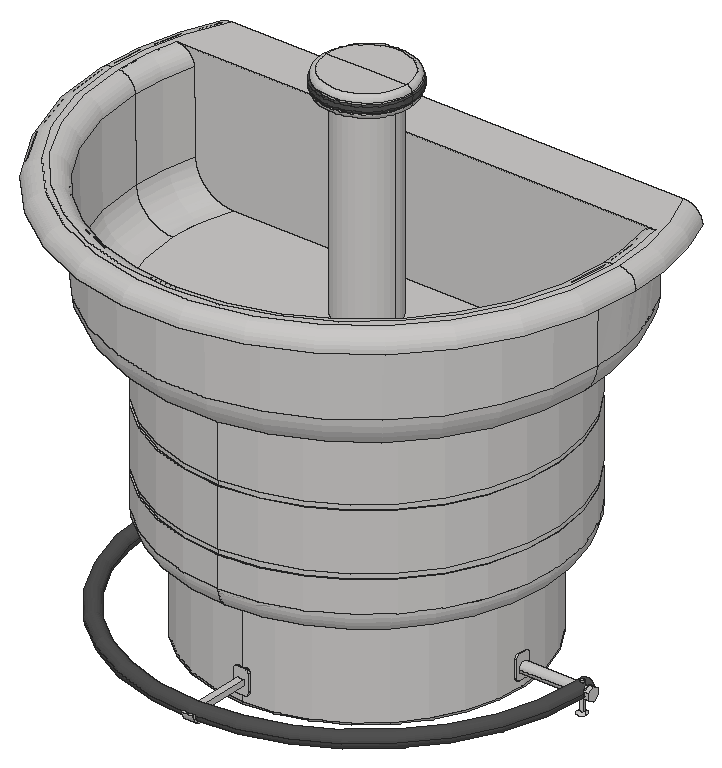
Revit family "Washfountain_Lavatory-Bradley_Corp-WF2703-Type_A_Drain", category Plumbing Fixtures, Revit 2012 (continued)
Lines and regions (in)
  symbolic lines, detail levels medium+fine
    curve 177: arc (-11.60696, -5.4365, 28) -> (-12.17933, -5.68512, 28) -> (-12.38828, -6.27314, 28) r 0.78315
    curve 178: arc (12.36654, -6.02898, 28) -> (12.08862, -5.60213, 28) -> (11.60696, -5.4365, 28) r 0.78315
    curve 179: line (-11.60696, -5.4365, 28) -> (11.60696, -5.4365, 28)
    curve 189: circle (0, -7.6967, 33.875) r 2.75 normal (0, 0, 1)
  symbolic lines, visible <- "Sensor Module"
    curve 41: line (-1.99987, -7.6967, 34.53462) -> (1.99987, -7.6967, 34.53462)
    curve 57: line (0, -5.6967, 34.53462) -> (0, -9.69657, 34.53462)
  symbolic lines, visible <- "Sensor Module", detail levels fine
    curve 42: line (-4.49987, -7.6967, 36.80962) -> (4.49987, -7.6967, 36.80962)
    curve 59: line (0, -3.1967, 36.80962) -> (0, -12.1967, 36.80962)
  symbolic lines, visible <- "Sensor Module", detail levels medium
    curve 43: line (-4.57537, -7.6967, 35.36012) -> (4.57537, -7.6967, 35.36012)
    curve 58: line (0, -3.12133, 35.36012) -> (0, -12.27207, 35.36012)
  symbolic lines, visible <- "Soap Dispenser", detail levels medium+fine
    curve 44: line (-6.13971, -7.6967, 41.37453) -> (6.13971, -7.6967, 41.37453)
    curve 60: line (0, -13.83546, 41.37453) -> (0, -5.4467, 41.37453)
    curve 185: line (-4.15684, -5.4467, 42.375) -> (-4.15684, -7.6967, 42.375)
    curve 186: arc (4.15684, -7.6967, 42.375) -> (0, -11.85353, 42.375) -> (-4.15684, -7.6967, 42.375) r 4.15684
    curve 187: line (4.15684, -5.4467, 42.375) -> (4.15684, -7.6967, 42.375)
  symbolic lines, visible <- "Soap Dispenser", detail levels fine
    curve 45: line (6.13971, -7.6967, 41.99971) -> (-6.13971, -7.6967, 41.99971)
    curve 46: line (-5.98301, -7.6967, 40.73265) -> (5.98301, -7.6967, 40.73265)
    curve 47: line (5.93039, -7.6967, 39.48265) -> (-5.93039, -7.6967, 39.48265)
    curve 48: line (-5.87777, -7.6967, 38.23265) -> (5.87777, -7.6967, 38.23265)
    curve 49: line (5.81, -7.6967, 36.98265) -> (-5.81, -7.6967, 36.98265)
    curve 61: line (0, -13.83546, 41.99971) -> (0, -5.4467, 41.99971)
    curve 62: line (0, -13.67876, 40.73265) -> (0, -5.4467, 40.73265)
    curve 63: line (0, -13.62614, 39.48265) -> (0, -5.4467, 39.48265)
    curve 64: line (0, -13.57352, 38.23265) -> (0, -5.4467, 38.23265)
    curve 65: line (0, -13.50574, 36.98265) -> (0, -5.4467, 36.98265)
  model lines, visible <- "Towel Dispenser", detail levels fine
    curve 79: spline (-9.02868, -6.55856, 48.62502) -> (-8.93498, -6.72086, 51.66615) -> (-8.66025, -7.1967, 54.50002) -> (-8.22323, -7.95365, 56.93353) -> (-7.65368, -8.94013, 58.80082) -> (-6.99044, -10.08891, 59.97465) -> (-6.27868, -11.3217, 60.37502) -> (-5.56693, -12.55449, 59.97465) -> (-4.90368, -13.70327, 58.80082) -> (-4.33414, -14.68975, 56.93353) -> (-3.89711, -15.4467, 54.50002) -> (-3.62239, -15.92254, 51.66615) -> (-3.52868, -16.08484, 48.62502)
    curve 80: spline (3.52868, -16.08484, 48.62502) -> (3.62239, -15.92254, 51.66615) -> (3.89711, -15.4467, 54.50002) -> (4.33414, -14.68975, 56.93353) -> (4.90368, -13.70327, 58.80082) -> (5.56693, -12.55449, 59.97465) -> (6.27868, -11.3217, 60.37502) -> (6.99044, -10.08891, 59.97465) -> (7.65368, -8.94013, 58.80082) -> (8.22323, -7.95365, 56.93353) -> (8.66025, -7.1967, 54.50002) -> (8.93498, -6.72086, 51.66615) -> (9.02868, -6.55856, 48.62502)
    curve 81: spline (4.50718, -14.39003, 51.22702) -> (4.52698, -14.35573, 51.2611) -> (4.54543, -14.32377, 51.361) -> (4.56128, -14.29633, 51.51992) -> (4.57344, -14.27528, 51.72702) -> (4.58108, -14.26204, 51.9682) -> (4.58368, -14.25752, 52.22702) -> (4.58108, -14.26204, 52.48584) -> (4.57344, -14.27528, 52.72702) -> (4.56128, -14.29633, 52.93413) -> (4.54543, -14.32377, 53.09305) -> (4.52698, -14.35573, 53.19295) -> (4.50718, -14.39003, 53.22702) -> (4.48738, -14.42432, 53.19295) -> (4.46893, -14.45628, 53.09305) -> (4.45309, -14.48372, 52.93413) -> (4.44093, -14.50478, 52.72702) -> (4.43329, -14.51801, 52.48584) -> (4.43068, -14.52253, 52.22702) -> (4.43329, -14.51801, 51.9682) -> (4.44093, -14.50478, 51.72702) -> (4.45309, -14.48372, 51.51992) -> (4.46893, -14.45628, 51.361) -> (4.48738, -14.42432, 51.2611) -> (4.50718, -14.39003, 51.22702)
    curve 82: spline (-8.05018, -8.25337, 51.22702) -> (-8.03038, -8.28766, 51.2611) -> (-8.01193, -8.31962, 51.361) -> (-7.99609, -8.34706, 51.51992) -> (-7.98393, -8.36812, 51.72702) -> (-7.97629, -8.38136, 51.9682) -> (-7.97368, -8.38587, 52.22702) -> (-7.97629, -8.38136, 52.48584) -> (-7.98393, -8.36812, 52.72702) -> (-7.99609, -8.34706, 52.93413) -> (-8.01193, -8.31962, 53.09305) -> (-8.03038, -8.28766, 53.19295) -> (-8.05018, -8.25337, 53.22702) -> (-8.06998, -8.21907, 53.19295) -> (-8.08843, -8.18712, 53.09305) -> (-8.10428, -8.15968, 52.93413) -> (-8.11644, -8.13862, 52.72702) -> (-8.12408, -8.12538, 52.48584) -> (-8.12668, -8.12087, 52.22702) -> (-8.12408, -8.12538, 51.9682) -> (-8.11644, -8.13862, 51.72702) -> (-8.10428, -8.15968, 51.51992) -> (-8.08843, -8.18712, 51.361) -> (-8.06998, -8.21907, 51.2611) -> (-8.05018, -8.25337, 51.22702)
  symbolic lines, visible <- "Towel Dispenser"
    curve 83: line (-2, -26.03001, 62.563) -> (2, -26.03001, 62.563)
    curve 84: line (-9.02868, -26.03001, 61.87567) -> (-3.52868, -26.03001, 61.87567)
    curve 85: line (-3.52868, -26.03001, 61.87567) -> (-0.06458, -26.03001, 62.563)
    curve 86: line (0.06458, -26.03001, 62.563) -> (3.52868, -26.03001, 61.87567)
    curve 87: line (3.52868, -26.03001, 61.87567) -> (9.02868, -26.03001, 61.87567)
    curve 88: line (3.52868, -26.03001, 61.87567) -> (3.52868, -26.03001, 48.62502)
    curve 89: line (3.52868, -26.03001, 48.62502) -> (9.02868, -26.03001, 48.62502)
    curve 90: line (3.52868, -26.03001, 48.62502) -> (1.58013, -26.03001, 47.25)
    curve 91: line (0.06458, -26.03001, 47.25) -> (0.06458, -26.03001, 62.563)
    curve 92: line (-0.06458, -26.03001, 62.563) -> (-0.06458, -26.03001, 47.25)
    curve 93: line (-9.02868, -26.03001, 48.62502) -> (-3.52868, -26.03001, 48.62502)
    curve 94: line (-3.52868, -26.03001, 48.62502) -> (-1.58013, -26.03001, 47.25)
    curve 95: line (-3.52868, -26.03001, 48.62502) -> (-3.52868, -26.03001, 61.87567)
    curve 108: line (0, -4.4467, 62.563) -> (0, -4.4467, 47.25)
    curve 109: line (0, -4.55856, 62.563) -> (0, -4.55856, 47.25)
    curve 110: line (0, -6.55856, 61.87567) -> (0, -4.55856, 62.563)
    curve 111: line (0, -6.55856, 48.62502) -> (0, -6.55856, 61.87567)
    curve 112: line (0, -6.55856, 61.87567) -> (0, -16.08484, 61.87567)
    curve 113: line (0, -5.6967, 62.563) -> (0, -9.6967, 62.563)
    curve 116: line (0, -5.43356, 47.25) -> (0, -6.55856, 48.62502)
    curve 117: line (0, -6.55856, 48.62502) -> (0, -16.08484, 48.62502)
    curve 123: line (-5.56458, 0, 62.563) -> (-5.56458, 0, 47.25)
    curve 124: line (5.56458, 0, 62.563) -> (5.56458, 0, 47.25)
    curve 125: line (-5.56458, 0, 61.87567) -> (5.56458, 0, 61.87567)
    curve 126: line (-5.56458, 0, 61.37567) -> (5.56458, 0, 61.37567)
    curve 127: line (-5.56458, 0, 48.8286) -> (5.56458, 0, 48.8286)
    curve 128: line (-5.56458, 0, 48.3286) -> (5.56458, 0, 48.3286)
    curve 129: line (-2, 0, 47.25) -> (-2, 0, 48.3286)
    curve 130: line (2.00013, 0, 47.25) -> (2.00013, 0, 48.3286)
    curve 131: line (2, 0, 48.8286) -> (2, 0, 61.37567)
    curve 132: line (2, 0, 61.87567) -> (2, 0, 62.563)
    curve 133: line (-2, 0, 62.563) -> (-2, 0, 61.87567)
    curve 134: line (-2, 0, 61.37567) -> (-2, 0, 48.8286)
    curve 135: line (-2, -26.03001, 47.25) -> (2.00013, -26.03001, 47.25)
    curve 181: line (-0.06458, -14.08484, 47.25) -> (-5.56458, -4.55856, 47.25)
    curve 182: line (5.56458, -4.55856, 47.25) -> (0.06458, -14.08484, 47.25)
    curve 184: circle (0, -7.6967, 47.25) r 2 normal (0, 0, 1)
  symbolic lines, visible <- "Towel Dispenser", detail levels fine
    curve 96: spline (-9.02868, -26.03001, 48.62502) -> (-8.93498, -26.03001, 51.66615) -> (-8.66025, -26.03001, 54.50002) -> (-8.22323, -26.03001, 56.93353) -> (-7.65368, -26.03001, 58.80082) -> (-6.99044, -26.03001, 59.97465) -> (-6.27868, -26.03001, 60.37502) -> (-5.56693, -26.03001, 59.97465) -> (-4.90368, -26.03001, 58.80082) -> (-4.33414, -26.03001, 56.93353) -> (-3.89711, -26.03001, 54.50002) -> (-3.62239, -26.03001, 51.66615) -> (-3.52868, -26.03001, 48.62502)
    curve 97: spline (3.52868, -26.03001, 48.62502) -> (3.62239, -26.03001, 51.66615) -> (3.89711, -26.03001, 54.50002) -> (4.33414, -26.03001, 56.93353) -> (4.90368, -26.03001, 58.80082) -> (5.56693, -26.03001, 59.97465) -> (6.27868, -26.03001, 60.37502) -> (6.99044, -26.03001, 59.97465) -> (7.65368, -26.03001, 58.80082) -> (8.22323, -26.03001, 56.93353) -> (8.66025, -26.03001, 54.50002) -> (8.93498, -26.03001, 51.66615) -> (9.02868, -26.03001, 48.62502)
    curve 98: spline (-8.05018, -26.03001, 51.22702) -> (-8.03038, -26.03001, 51.2611) -> (-8.01193, -26.03001, 51.361) -> (-7.99609, -26.03001, 51.51992) -> (-7.98393, -26.03001, 51.72702) -> (-7.97629, -26.03001, 51.9682) -> (-7.97368, -26.03001, 52.22702) -> (-7.97629, -26.03001, 52.48584) -> (-7.98393, -26.03001, 52.72702) -> (-7.99609, -26.03001, 52.93413) -> (-8.01193, -26.03001, 53.09305) -> (-8.03038, -26.03001, 53.19295) -> (-8.05018, -26.03001, 53.22702) -> (-8.06998, -26.03001, 53.19295) -> (-8.08843, -26.03001, 53.09305) -> (-8.10428, -26.03001, 52.93413) -> (-8.11644, -26.03001, 52.72702) -> (-8.12408, -26.03001, 52.48584) -> (-8.12668, -26.03001, 52.22702) -> (-8.12408, -26.03001, 51.9682) -> (-8.11644, -26.03001, 51.72702) -> (-8.10428, -26.03001, 51.51992) -> (-8.08843, -26.03001, 51.361) -> (-8.06998, -26.03001, 51.2611) -> (-8.05018, -26.03001, 51.22702)
    curve 99: spline (4.50718, -26.03001, 51.22702) -> (4.52698, -26.03001, 51.2611) -> (4.54543, -26.03001, 51.361) -> (4.56128, -26.03001, 51.51992) -> (4.57344, -26.03001, 51.72702) -> (4.58108, -26.03001, 51.9682) -> (4.58368, -26.03001, 52.22702) -> (4.58108, -26.03001, 52.48584) -> (4.57344, -26.03001, 52.72702) -> (4.56128, -26.03001, 52.93413) -> (4.54543, -26.03001, 53.09305) -> (4.52698, -26.03001, 53.19295) -> (4.50718, -26.03001, 53.22702) -> (4.48738, -26.03001, 53.19295) -> (4.46893, -26.03001, 53.09305) -> (4.45309, -26.03001, 52.93413) -> (4.44093, -26.03001, 52.72702) -> (4.43329, -26.03001, 52.48584) -> (4.43068, -26.03001, 52.22702) -> (4.43329, -26.03001, 51.9682) -> (4.44093, -26.03001, 51.72702) -> (4.45309, -26.03001, 51.51992) -> (4.46893, -26.03001, 51.361) -> (4.48738, -26.03001, 51.2611) -> (4.50718, -26.03001, 51.22702)
    curve 114: spline (0, -6.55856, 48.62502) -> (0, -6.72086, 51.66615) -> (0, -7.1967, 54.50002) -> (0, -7.95365, 56.93353) -> (0, -8.94013, 58.80082) -> (0, -10.08891, 59.97465) -> (0, -11.3217, 60.37502) -> (0, -12.55449, 59.97465) -> (0, -13.70327, 58.80082) -> (0, -14.68975, 56.93353) -> (0, -15.4467, 54.50002) -> (0, -15.92254, 51.66615) -> (0, -16.08484, 48.62502)
    curve 115: spline (0, -14.39003, 51.22702) -> (0, -14.35573, 51.2611) -> (0, -14.32377, 51.361) -> (0, -14.29633, 51.51992) -> (0, -14.27528, 51.72702) -> (0, -14.26204, 51.9682) -> (0, -14.25752, 52.22702) -> (0, -14.26204, 52.48584) -> (0, -14.27528, 52.72702) -> (0, -14.29633, 52.93413) -> (0, -14.32377, 53.09305) -> (0, -14.35573, 53.19295) -> (0, -14.39003, 53.22702) -> (0, -14.42432, 53.19295) -> (0, -14.45628, 53.09305) -> (0, -14.48372, 52.93413) -> (0, -14.50478, 52.72702) -> (0, -14.51801, 52.48584) -> (0, -14.52253, 52.22702) -> (0, -14.51801, 51.9682) -> (0, -14.50478, 51.72702) -> (0, -14.48372, 51.51992) -> (0, -14.45628, 51.361) -> (0, -14.42432, 51.2611) -> (0, -14.39003, 51.22702)
  symbolic lines, visible <- "Towel Dispenser", detail levels medium+fine
    curve 100: line (-7.85863, -26.03001, 48.3286) -> (-3.85863, -26.03001, 48.3286)
    curve 101: spline (-3.85863, -26.03001, 48.3286) -> (-3.74268, -26.03001, 48.31528) -> (-3.59687, -26.03001, 48.27621) -> (-3.43113, -26.03001, 48.21406) -> (-3.25676, -26.03001, 48.13306) -> (-3.08563, -26.03001, 48.03873) -> (-2.92941, -26.03001, 47.93751) -> (-2.79874, -26.03001, 47.83629) -> (-2.70254, -26.03001, 47.74197) -> (-2.64735, -26.03001, 47.66097) -> (-2.63694, -26.03001, 47.59882) -> (-2.67201, -26.03001, 47.55975) -> (-2.75019, -26.03001, 47.54642)
    curve 102: line (-2.75019, -26.03001, 47.54642) -> (-6.75019, -26.03001, 47.54642)
    curve 103: spline (-6.75019, -26.03001, 47.54642) -> (-6.86613, -26.03001, 47.55975) -> (-7.01194, -26.03001, 47.59882) -> (-7.17768, -26.03001, 47.66097) -> (-7.35206, -26.03001, 47.74197) -> (-7.52319, -26.03001, 47.83629) -> (-7.67941, -26.03001, 47.93751) -> (-7.81007, -26.03001, 48.03873) -> (-7.90628, -26.03001, 48.13306) -> (-7.96146, -26.03001, 48.21406) -> (-7.97187, -26.03001, 48.27621) -> (-7.9368, -26.03001, 48.31528) -> (-7.85863, -26.03001, 48.3286)
    curve 104: line (7.85863, -26.03001, 48.3286) -> (3.85863, -26.03001, 48.3286)
    curve 105: spline (3.85863, -26.03001, 48.3286) -> (3.74268, -26.03001, 48.31528) -> (3.59687, -26.03001, 48.27621) -> (3.43113, -26.03001, 48.21406) -> (3.25676, -26.03001, 48.13306) -> (3.08563, -26.03001, 48.03873) -> (2.92941, -26.03001, 47.93751) -> (2.79874, -26.03001, 47.83629) -> (2.70254, -26.03001, 47.74197) -> (2.64735, -26.03001, 47.66097) -> (2.63694, -26.03001, 47.59882) -> (2.67201, -26.03001, 47.55975) -> (2.75019, -26.03001, 47.54642)
    curve 106: line (2.75019, -26.03001, 47.54642) -> (6.75019, -26.03001, 47.54642)
    curve 107: spline (6.75019, -26.03001, 47.54642) -> (6.86613, -26.03001, 47.55975) -> (7.01194, -26.03001, 47.59882) -> (7.17768, -26.03001, 47.66097) -> (7.35206, -26.03001, 47.74197) -> (7.52319, -26.03001, 47.83629) -> (7.67941, -26.03001, 47.93751) -> (7.81007, -26.03001, 48.03873) -> (7.90628, -26.03001, 48.13306) -> (7.96146, -26.03001, 48.21406) -> (7.97187, -26.03001, 48.27621) -> (7.9368, -26.03001, 48.31528) -> (7.85863, -26.03001, 48.3286)
    curve 118: spline (0, -7.61507, 48.3286) -> (0, -7.43606, 48.31528) -> (0, -7.24745, 48.27621) -> (0, -7.06208, 48.21406) -> (0, -6.89258, 48.13306) -> (0, -6.75052, 48.03873) -> (0, -6.64558, 47.93751) -> (0, -6.58489, 47.83629) -> (0, -6.57261, 47.74197) -> (0, -6.60956, 47.66097) -> (0, -6.69323, 47.59882) -> (0, -6.81791, 47.55975) -> (0, -6.97512, 47.54642)
    curve 119: line (0, -6.97512, 47.54642) -> (0, -13.90332, 47.54642)
    curve 120: spline (0, -13.90332, 47.54642) -> (0, -14.08233, 47.55975) -> (0, -14.27095, 47.59882) -> (0, -14.45632, 47.66097) -> (0, -14.62581, 47.74197) -> (0, -14.76787, 47.83629) -> (0, -14.87282, 47.93751) -> (0, -14.9335, 48.03873) -> (0, -14.94579, 48.13306) -> (0, -14.90884, 48.21406) -> (0, -14.82517, 48.27621) -> (0, -14.70048, 48.31528) -> (0, -14.54328, 48.3286)
    curve 121: line (0, -14.54328, 48.3286) -> (0, -7.61507, 48.3286)
    curve 180: line (-7.08013, -5.43356, 47.25) -> (-1.58013, -14.95984, 47.25)
    curve 183: line (1.58013, -14.95984, 47.25) -> (7.08013, -5.43356, 47.25)
  model lines, detail levels medium+fine
    curve 137: circle (4, -7.6967, 19.06097) r 1.25 normal (0, 0, 1)
    curve 193: circle (4, -7.6967, 19.12) r 1.25 normal (0, 0, 1)
  symbolic lines, visible <- "Foot Control Valve", detail levels fine
    curve 155: line (0, -7.5767, 0.1445) -> (0, -7.8167, 0.1445)
    curve 156: circle (0, -7.75001, 1.425) r 0.36122 normal (1, 0, 0)
    curve 157: line (0, -7.5767, 1.99999) -> (0, -7.8167, 1.99999)
    curve 158: line (0, -7.8167, 1.99999) -> (0, -7.8167, 1.9244)
    curve 159: line (0, -7.5767, 1.99999) -> (0, -7.5767, 1.9244)
    curve 160: line (0, -7.5767, 0.67154) -> (0, -7.5767, 0.92558)
    curve 161: line (0, -7.8167, 0.67154) -> (0, -7.8167, 0.92558)
    curve 164: line (-15.01563, 0, 1.7965) -> (-15.01563, 0, 1.0535)
    curve 165: line (-15.32813, 0, 1.63949) -> (-15.01563, 0, 1.63949)
    curve 166: line (-15.32813, 0, 1.21051) -> (-15.01563, 0, 1.21051)
    curve 167: line (-14.69813, 0, 0.1445) -> (-14.45813, 0, 0.1445)
    curve 168: line (15.04349, 0, 1.63948) -> (15.37923, 0, 1.63948)
    curve 169: line (15.04349, 0, 1.79649) -> (15.04349, 0, 1.05349)
    curve 170: line (15.04349, 0, 1.21051) -> (15.37923, 0, 1.21051)
    curve 171: line (14.45813, 0, 0.1445) -> (14.69813, 0, 0.1445)
    curve 190: line (-0.40046, -27.53001, 0.92558) -> (-0.40046, -27.53001, 0.82558)
    curve 191: line (-0.40046, -27.53001, 0.82558) -> (0.4, -27.53001, 0.82558)
    curve 192: line (0.4, -27.53001, 0.82558) -> (0.4, -27.53001, 0.92558)
  symbolic lines, visible <- "Foot Control Valve", detail levels coarse+medium
    curve 162: line (-0.40046, -26.03001, 0.92558) -> (0.4, -26.03001, 0.92558)
  symbolic lines, visible <- "Sensor Module", detail levels medium+fine
    curve 188: circle (0, -7.6967, 37.375) r 3.75 normal (0, 0, 1)
  symbolic lines, visible <- "Button Visibility"
    curve 196: circle (0, -27.53001, 36.08487) r 0.5 normal (0, -1, 0)
Dimensions and locks (in)
  equal spacing: plane 4 "Left", plane 3 "Center (Left/Right)", plane 5 "Right"
  "Width": plane 4 "Left" to plane 5 "Right"
  "Towel Dispenser Height": plane 6 "Towel Dispenser" to plane 2
  "Soap Dispenser Height": plane 7 "Soap Dispenser" to plane 2
  "Sensor Module Height": plane 8 "Sensor Module" to plane 2
  "Spray Head Height": plane 9 "Spray Head" to plane 2
  "Rim Height": plane 10 "Rim Height" to plane 2
  "Pedestal Height": plane 11 "Pedestal Height" to plane 2
  locked: plane 9 "Spray Head" to Revolve 7 sketch curve at 1.38963
  locked: plane 9 "Spray Head" to Revolve 8 sketch curve at 1.38963
  locked: plane 9 "Spray Head" to Masking region 1 sketch curve at 1.38963  (x2)
  locked: plane 9 "Spray Head" to Masking region 2 sketch curve at 1.38963  (x2)
  locked: plane 8 "Sensor Module" to Revolve 9 sketch curve at 2.84038
  locked: plane 8 "Sensor Module" to Revolve 10 sketch curve at 2.84038
  locked: plane 8 "Sensor Module" to Masking region 3 sketch curve at 2.84038  (x2)
  locked: plane 8 "Sensor Module" to Masking region 4 sketch curve at 2.84038  (x2)
  locked: plane 7 "Soap Dispenser" to plane 13 at 6
  locked: plane 8 "Sensor Module" to Masking region 10 sketch curve at 2.84038  (x2)
  locked: plane 8 "Sensor Module" to Masking region 9 sketch curve at 2.84038  (x2)
  locked: plane 14 "Front" to plane 1 "Center (Front/Back)" at 26.03001
  locked: curve 76 to Extrusion 16 sketch curve at 15.313
  locked: curve 76 to Extrusion 16 sketch curve at 15.16279
  locked: Extrusion 16 sketch curve to curve 76 at 4
  locked: Extrusion 16 sketch curve to Extrusion 16 sketch curve at 1.37502
  locked: curve 77 to Extrusion 17 sketch curve at 4
  locked: curve 77 to Extrusion 17 sketch curve at 15.313
  locked: curve 77 to Extrusion 17 sketch curve at 15.16279
  locked: Extrusion 17 sketch curve to Extrusion 17 sketch curve at 1.37502
  locked: Extrusion 19 to Extrusion 16 at 1
  "Towel Dispenser Holder": plane 6 "Towel Dispenser" to Extrusion 19
  "Soap Dispenser Holder": plane 13 to Extrusion 20
  "Towel Dispenser Holder": plane 6 "Towel Dispenser" to Masking region 21
  "Soap Dispenser Holder": plane 13 to Masking region 22
  "Towel Dispenser Holder": plane 6 "Towel Dispenser" to Masking region 24
  "Soap Dispenser Holder": Masking region 23 to plane 13
  locked: Extrusion 35 sketch curve to plane 1 "Center (Front/Back)" at 7.75
  locked: Extrusion 35 to plane 2 at 3
  Extrusion 36 sketch curve to plane 3 "Center (Left/Right)" = 7.625"
  locked: Extrusion 36 sketch curve to plane 2 at 12
  locked: plane 1 "Center (Front/Back)" to Extrusion 36 at 2.5
  Extrusion 37 sketch curve to plane 1 "Center (Front/Back)" = 4.500"  (x2)
  Extrusion 37 sketch curve to plane 3 "Center (Left/Right)" to Extrusion 37 sketch curve = 7.625", 7.625"
  locked: Extrusion 37 to plane 2 at 2.5
  plane 3 "Center (Left/Right)" to Extrusion 36 sketch curve = 7.625"
  Extrusion 36 sketch curve to plane 2 = 12.000"
  locked: plane 7 "Soap Dispenser" to Revolve 12 sketch curve at 1.00047
  locked: plane 7 "Soap Dispenser" to Extrusion 14 sketch curve at 1.00047
  locked: plane 7 "Soap Dispenser" to Revolve 39 sketch curve at 1.00047
  locked: plane 7 "Soap Dispenser" to Extrusion 40 sketch curve at 1.00047
  locked: plane 8 "Sensor Module" to Extrusion 41 sketch curve at 1.29013
  locked: plane 8 "Sensor Module" to Extrusion 42 sketch curve at 1.29013
  locked: plane 8 "Sensor Module" to curve 196 at 1.29013
  locked: plane 3 "Center (Left/Right)" to Extrusion 35 sketch curve at 4
  locked: Extrusion 46 sketch curve to plane 3 "Center (Left/Right)" at 4
  "Drain Height": Extrusion 46 sketch curve to plane 2
  locked: plane 1 "Center (Front/Back)" to Extrusion 46 at 3
  radius of Extrusion 19 sketch curve = 2.000"
  radius of Extrusion 20 sketch curve = 2.000"
  "Drain Secondary Radius": radius of Extrusion 35 sketch curve
  "Cold Lavatory Inlet Primary Radius": radius of Extrusion 36 sketch curve
  "Hot Lavatory Inlet Secondary Radius": radius of Extrusion 37 sketch curve
  "Cold Lavatory Inlet Secondary Radius": radius of Extrusion 37 sketch curve
  "Hot Lavatory Inlet Primary Radius": radius of Extrusion 36 sketch curve
  "Drain Primary Radius": radius of Extrusion 46 sketch curve
  aligned and locked: Extrusion 2 sketch curve to plane 1 "Center (Front/Back)"
  aligned and locked: Extrusion 2 to plane 2
  aligned and locked: plane 9 "Spray Head" to Extrusion 2
  aligned and locked: plane 12 to Revolve 4 sketch curve
  aligned and locked: plane 12 to Revolve 5 sketch curve
  aligned and locked: plane 12 to Revolve 6 sketch curve
  aligned and locked: Revolve 7 sketch curve to plane 3 "Center (Left/Right)"
  aligned and locked: Revolve 8 sketch curve to plane 3 "Center (Left/Right)"
  aligned and locked: plane 11 "Pedestal Height" to Revolve 7 sketch curve
  aligned and locked: Revolve 7 sketch curve to plane 9 "Spray Head"
  aligned and locked: Revolve 8 sketch curve to plane 11 "Pedestal Height"
  aligned and locked: Masking region 1 sketch curve to plane 10 "Rim Height"
  aligned and locked: Masking region 2 sketch curve to plane 10 "Rim Height"
  aligned and locked: Masking region 2 sketch curve to plane 9 "Spray Head"
  aligned and locked: Revolve 9 sketch curve to plane 8 "Sensor Module"
  aligned and locked: Revolve 9 sketch curve to plane 9 "Spray Head"
  aligned and locked: Revolve 9 sketch curve to plane 3 "Center (Left/Right)"
  aligned and locked: Revolve 10 sketch curve to plane 3 "Center (Left/Right)"
  aligned and locked: Revolve 10 sketch curve to plane 9 "Spray Head"
  aligned and locked: Masking region 3 sketch curve to plane 9 "Spray Head"
  aligned and locked: Masking region 4 sketch curve to plane 9 "Spray Head"
  aligned and locked: Masking region 4 sketch curve to plane 8 "Sensor Module"
  aligned and locked: Revolve 11 sketch curve to plane 7 "Soap Dispenser"
  aligned and locked: plane 13 to Revolve 11 sketch curve
  aligned and locked: Revolve 11 sketch curve to plane 3 "Center (Left/Right)"
  aligned and locked: Revolve 12 sketch curve to plane 3 "Center (Left/Right)"
  aligned and locked: Masking region 5 sketch curve to plane 7 "Soap Dispenser"
  aligned and locked: Masking region 5 sketch curve to plane 13
  aligned and locked: Masking region 6 sketch curve to plane 7 "Soap Dispenser"
  aligned and locked: plane 13 to Masking region 6 sketch curve
  aligned and locked: Extrusion 13 sketch curve to plane 7 "Soap Dispenser"
  aligned and locked: plane 13 to Extrusion 13 sketch curve
  aligned and locked: plane 13 to Extrusion 14 sketch curve
  aligned and locked: plane 9 "Spray Head" to Masking region 9 sketch curve
  aligned and locked: Masking region 9 sketch curve to plane 8 "Sensor Module"
  aligned and locked: Masking region 10 sketch curve to plane 8 "Sensor Module"
  aligned and locked: Masking region 10 sketch curve to plane 9 "Spray Head"
  aligned and locked: Masking region 11 sketch curve to plane 10 "Rim Height"
  aligned and locked: Masking region 11 sketch curve to plane 9 "Spray Head"
  aligned and locked: Masking region 12 sketch curve to plane 10 "Rim Height"
  aligned and locked: Masking region 15 sketch curve to plane 11 "Pedestal Height"
  aligned and locked: Masking region 15 sketch curve to plane 2
  aligned and locked: Masking region 16 sketch curve to plane 11 "Pedestal Height"
  aligned and locked: Masking region 16 sketch curve to plane 2
  aligned and locked: Masking region 17 sketch curve to plane 10 "Rim Height"
  aligned and locked: Masking region 17 sketch curve to plane 11 "Pedestal Height"
  aligned and locked: Masking region 18 sketch curve to plane 10 "Rim Height"
  aligned and locked: plane 11 "Pedestal Height" to Masking region 18 sketch curve
  aligned and locked: Masking region 19 sketch curve to plane 11 "Pedestal Height"
  aligned and locked: plane 2 to Masking region 19 sketch curve
  aligned and locked: Masking region 20 sketch curve to plane 11 "Pedestal Height"
  aligned and locked: plane 2 to Masking region 20 sketch curve
  aligned and locked: plane 12 to Extrusion 15 sketch curve
  aligned and locked: plane 3 "Center (Left/Right)" to Extrusion 15 sketch curve
  aligned and locked: plane 12 to Extrusion 18 sketch curve
  aligned and locked: plane 3 "Center (Left/Right)" to Extrusion 18 sketch curve
  aligned and locked: plane 12 to Extrusion 19 sketch curve
  aligned and locked: plane 3 "Center (Left/Right)" to Extrusion 19 sketch curve
  aligned and locked: plane 12 to Extrusion 20 sketch curve
  aligned and locked: plane 3 "Center (Left/Right)" to Extrusion 20 sketch curve
  aligned and locked: Extrusion 20 to plane 13
  aligned and locked: plane 6 "Towel Dispenser" to Masking region 21
  aligned and locked: Masking region 22 to plane 13
  aligned and locked: plane 13 to Masking region 23
  aligned and locked: Masking region 24 to plane 6 "Towel Dispenser"
  aligned and locked: Extrusion 22 to plane 11 "Pedestal Height"
  aligned and locked: plane 2 to Blend 30
  aligned and locked: Blend 29 to plane 2
  aligned and locked: Blend 30 to Extrusion 28
  aligned and locked: plane 12 to Masking region 32 sketch curve
  aligned and locked: plane 3 "Center (Left/Right)" to Masking region 32 sketch curve
  aligned and locked: plane 3 "Center (Left/Right)" to curve 184
  aligned and locked: plane 12 to curve 184
  aligned and locked: plane 3 "Center (Left/Right)" to Masking region 35 sketch curve
  aligned and locked: plane 12 to Masking region 35 sketch curve
  aligned and locked: plane 12 to curve 188
  aligned and locked: plane 3 "Center (Left/Right)" to curve 188
  aligned and locked: plane 12 to Masking region 36 sketch curve
  aligned and locked: plane 3 "Center (Left/Right)" to Masking region 36 sketch curve
  aligned and locked: plane 12 to curve 189
  aligned and locked: plane 3 "Center (Left/Right)" to curve 189
  aligned and locked: Extrusion 35 to plane 2
  aligned and locked: Extrusion 36 to plane 1 "Center (Front/Back)"
  aligned and locked: Extrusion 37 to plane 2
  aligned and locked: Revolve 39 sketch curve to plane 3 "Center (Left/Right)"
  aligned and locked: plane 3 "Center (Left/Right)" to Extrusion 41 sketch curve
  aligned and locked: plane 3 "Center (Left/Right)" to Extrusion 42 sketch curve
  aligned and locked: Extrusion 41 to Masking region 9
  aligned and locked: Masking region 9 to Extrusion 42
  aligned and locked: Extrusion 42 to Masking region 10
  aligned and locked: Masking region 10 to Masking region 38 sketch curve
  aligned and locked: Masking region 38 sketch curve to Masking region 9
  aligned and locked: Sweep 1 sketch curve to plane 11 "Pedestal Height"
  aligned and locked: plane 11 "Pedestal Height" to Sweep 3 sketch curve
  aligned and locked: Masking region 15 sketch curve to cut or joined group of Extrusion 2, Revolve 4  (x5)
  aligned and locked: cut or joined group of Extrusion 2, Revolve 4 to Masking region 15 sketch curve  (x3)
  aligned and locked: cut or joined group of Extrusion 2, Revolve 4 to curve 29
  aligned and locked: cut or joined group of Extrusion 2, Revolve 4 to curve 27
  aligned and locked: cut or joined group of Extrusion 2, Revolve 4 to curve 32
  aligned and locked: cut or joined group of Extrusion 2, Revolve 4 to curve 30
  aligned and locked: cut or joined group of Extrusion 2, Revolve 4 to Masking region 20 sketch curve  (x3)
  aligned and locked: Masking region 20 sketch curve to cut or joined group of Extrusion 2, Revolve 4
  aligned and locked: cut or joined group of Extrusion 2, Revolve 4 to cut or joined group of Extrusion 2, Revolve 4  (x4)
  aligned and locked: curve 33 to cut or joined group of Extrusion 2, Sweep 3, Extrusion 22, Extrusion 43
  aligned and locked: cut or joined group of Extrusion 2, Sweep 3, Extrusion 22, Extrusion 43 to curve 24
Automatic sketch dimensions
  curve 163 to plane 3 "Center (Left/Right)" = 1.500"
  plane 3 "Center (Left/Right)" to curve 163 = 1.500"
  curve 163 to plane 14 "Front" = 1.500"
  curve 1 to plane 1 "Center (Front/Back)" = 0.000"
  curve 2 to plane 3 "Center (Left/Right)" = 0.000"
  plane 3 "Center (Left/Right)" to curve 1 = 3.000"
  curve 1 to plane 3 "Center (Left/Right)" = 3.000"
  curve 2 to plane 1 "Center (Front/Back)" = 3.000"
  plane 1 "Center (Front/Back)" to curve 2 = 3.000"
  curve 3 to plane 12 = 0.000"
  curve 4 to plane 3 "Center (Left/Right)" = 0.000"
  plane 3 "Center (Left/Right)" to curve 3 = 3.000"
  curve 3 to plane 3 "Center (Left/Right)" = 3.000"
  plane 12 to curve 4 = 3.000"
  curve 4 to plane 12 = 3.000"
  curve 7 to plane 12 = 0.000"
  curve 8 to plane 3 "Center (Left/Right)" = 0.000"
  plane 3 "Center (Left/Right)" to curve 7 = 3.000"
  curve 7 to plane 3 "Center (Left/Right)" = 3.000"
  plane 12 to curve 8 = 3.000"
  curve 8 to plane 12 = 3.000"
  curve 122 to plane 1 "Center (Front/Back)" = 0.000"
  curve 9 to plane 12 = 0.000"
  curve 136 to plane 14 "Front" = 0.000"
  curve 10 to plane 3 "Center (Left/Right)" = 0.000"
  plane 3 "Center (Left/Right)" to curve 77 = 0.06458"
  plane 3 "Center (Left/Right)" to curve 136 = 3.000"
  plane 3 "Center (Left/Right)" to curve 9 = 3.000"
  plane 3 "Center (Left/Right)" to curve 122 = 3.000"
  curve 78 to curve 9 = 2.500"
  curve 77 to curve 78 = 0.06458"
  curve 76 to plane 3 "Center (Left/Right)" = 0.06458"
  curve 122 to plane 3 "Center (Left/Right)" = 3.000"
  curve 9 to plane 3 "Center (Left/Right)" = 3.000"
  curve 136 to plane 3 "Center (Left/Right)" = 3.000"
  curve 9 to curve 78 = 2.500"
  curve 78 to curve 76 = 0.06458"
  plane 12 to curve 78 = 3.250"
  curve 78 to curve 76 = 0.11186"
  curve 78 to curve 77 = 0.11186"
  plane 12 to curve 10 = 3.000"
  curve 10 to plane 12 = 3.000"
  curve 10 to curve 76 = 3.38814"
  curve 77 to curve 76 = 0.000"
  curve 12 to plane 1 "Center (Front/Back)" = 0.000"
  curve 11 to plane 3 "Center (Left/Right)" = 0.000"
  plane 3 "Center (Left/Right)" to curve 12 = 3.000"
  curve 12 to plane 3 "Center (Left/Right)" = 3.000"
  curve 11 to plane 1 "Center (Front/Back)" = 3.000"
  plane 1 "Center (Front/Back)" to curve 11 = 3.000"
  curve 138 to curve 139 = 0.000"
  curve 138 to curve 140 = 0.000"  (x2)
  curve 139 to curve 140 = 0.000"
  curve 145 to plane 12 = 0.000"
  curve 140 to plane 12 = 0.000"
  curve 141 to plane 12 = 0.000"
  curve 13 to plane 3 "Center (Left/Right)" = 0.000"
  plane 3 "Center (Left/Right)" to curve 141 = 3.12229"
  curve 148 to curve 141 = 0.25708"
  curve 142 to curve 141 = 0.25708"
  curve 138 to curve 142 = 0.62063"
  curve 143 to curve 142 = 0.62063"
  curve 147 to curve 148 = 0.62063"
  curve 146 to curve 147 = 0.62063"
  curve 144 to curve 143 = 0.62063"
  curve 145 to curve 144 = 0.25708"
  plane 12 to curve 144 = 0.62063"
  plane 12 to curve 142 = 0.62063"
  curve 143 to curve 142 = 0.25708"
  curve 13 to plane 12 = 0.0533"
  curve 148 to plane 12 = 0.62063"
  curve 146 to plane 12 = 0.62063"
  curve 148 to curve 147 = 0.25708"
  Extrusion 2 sketch curve to plane 5 "Right" = 0.000"
  Extrusion 2 sketch curve to plane 4 "Left" = 0.000"
  Extrusion 2 sketch curve to plane 1 "Center (Front/Back)" = 14.000"
  Revolve 4 sketch curve to plane 11 "Pedestal Height" = 0.000"
  Revolve 4 sketch curve to plane 12 = 0.000"
  plane 14 "Front" to Revolve 4 sketch curve = 7.31091"
  plane 14 "Front" to Revolve 4 sketch curve = 5.86393"
  Revolve 4 sketch curve to Revolve 4 sketch curve = 1.45168"
  Revolve 4 sketch curve to Revolve 4 sketch curve = 0.08393"  (x2)
  Revolve 4 sketch curve to Revolve 4 sketch curve = 1.53091"
  Revolve 4 sketch curve to plane 11 "Pedestal Height" = 4.46462"
  Revolve 4 sketch curve to Revolve 4 sketch curve = 0.375"  (x2)
  Revolve 4 sketch curve to Revolve 4 sketch curve = 3.8125"
  Revolve 4 sketch curve to Revolve 4 sketch curve = 2.08309"
  Revolve 4 sketch curve to level = 3.07853"
  plane 11 "Pedestal Height" to Revolve 4 sketch curve = 3.47247"
  Revolve 5 sketch curve to plane 11 "Pedestal Height" = 0.000"
  Revolve 5 sketch curve to plane 12 = 0.000"
  plane 14 "Front" to Revolve 5 sketch curve = 5.780"
  level to Revolve 5 sketch curve = 6.35887"
  Revolve 5 sketch curve to level = 1.551"
  plane 11 "Pedestal Height" to Revolve 5 sketch curve = 3.000"
  Revolve 6 sketch curve to level = 0.000"
  Revolve 6 sketch curve to plane 12 = 0.000"
  plane 14 "Front" to Revolve 6 sketch curve = 8.05596"
  Revolve 6 sketch curve to Revolve 6 sketch curve = 0.07241"
  Revolve 6 sketch curve to Revolve 6 sketch curve = 0.1416"
  Revolve 6 sketch curve to Revolve 6 sketch curve = 3.2954"
  Revolve 6 sketch curve to Revolve 6 sketch curve = 5.90435"
  level to Revolve 6 sketch curve = 6.35887"
  Revolve 6 sketch curve to Revolve 6 sketch curve = 5.09572"
  Revolve 7 sketch curve to Revolve 7 sketch curve = 0.000"  (x3)
  curve 3 to Revolve 7 sketch curve = 1.00013"
  curve 3 to Revolve 7 sketch curve = 0.31013"  (x2)
  Revolve 7 sketch curve to curve 3 = 0.03112"  (x2)
  Revolve 7 sketch curve to curve 3 = 0.03487"  (x3)
  Revolve 7 sketch curve to Revolve 7 sketch curve = 0.09375"
  Revolve 7 sketch curve to Revolve 7 sketch curve = 1.74493"
  Revolve 7 sketch curve to curve 3 = 0.94456"
  Revolve 7 sketch curve to curve 3 = 0.53838"
  Revolve 7 sketch curve to Revolve 7 sketch curve = 0.00037"
  Revolve 7 sketch curve to curve 3 = 0.38012"
  curve 3 to Revolve 8 sketch curve = 1.00013"
  curve 3 to Revolve 8 sketch curve = 0.31085"
  Revolve 8 sketch curve to curve 3 = 0.00012"
  curve 3 to Revolve 8 sketch curve = 0.31013"
  Revolve 8 sketch curve to curve 3 = 0.12487"
  Revolve 8 sketch curve to Revolve 8 sketch curve = 0.000"
  curve 3 to Revolve 8 sketch curve = 1.84143"
  Revolve 8 sketch curve to curve 3 = 0.94456"
  Revolve 8 sketch curve to curve 3 = 0.44471"
  Revolve 8 sketch curve to Revolve 8 sketch curve = 0.40845"
  Masking region 1 sketch curve to curve 3 = 0.000"
  Masking region 1 sketch curve to curve 3 = 0.12487"
  Masking region 1 sketch curve to curve 3 = 0.03487"  (x2)
  Masking region 1 sketch curve to Masking region 1 sketch curve = 0.000"  (x5)
  Masking region 1 sketch curve to curve 3 = 0.03112"  (x2)
  curve 3 to Masking region 1 sketch curve = 0.31013"  (x2)
  Masking region 1 sketch curve to Masking region 1 sketch curve = 0.690"
  Masking region 1 sketch curve to curve 3 = 0.99987"
  Masking region 1 sketch curve to curve 3 = 0.31013"  (x2)
  curve 3 to Masking region 1 sketch curve = 0.03112"  (x2)
  curve 3 to Masking region 1 sketch curve = 0.03487"  (x3)
  Masking region 1 sketch curve to Masking region 1 sketch curve = 0.09375"
  Masking region 1 sketch curve to curve 3 = 0.94456"  (x2)
  Masking region 1 sketch curve to curve 3 = 0.53838"  (x2)
  Masking region 1 sketch curve to Masking region 1 sketch curve = 0.00037"  (x2)
  Masking region 2 sketch curve to curve 3 = 0.12487"
  curve 3 to Masking region 2 sketch curve = 0.31001"
  curve 3 to Masking region 2 sketch curve = 0.31085"
  Masking region 2 sketch curve to Masking region 2 sketch curve = 0.68928"
  Masking region 2 sketch curve to curve 3 = 0.99987"
  Masking region 2 sketch curve to curve 3 = 0.31085"
  Masking region 2 sketch curve to curve 3 = 0.31001"
  curve 3 to Masking region 2 sketch curve = 0.12487"
  Masking region 2 sketch curve to curve 3 = 0.94456"  (x2)
  Masking region 2 sketch curve to curve 3 = 0.44471"  (x2)
  Revolve 9 sketch curve to Revolve 9 sketch curve = 0.000"
  curve 5 to Revolve 9 sketch curve = 1.00013"
  curve 5 to Revolve 9 sketch curve = 0.90513"
  Revolve 9 sketch curve to curve 5 = 0.64632"
  Revolve 9 sketch curve to Revolve 9 sketch curve = 0.17651"  (x2)
  Revolve 9 sketch curve to Revolve 9 sketch curve = 0.60355"  (x2)
  curve 5 to Revolve 9 sketch curve = 0.34075"
  Revolve 9 sketch curve to curve 5 = 1.44037"
  Revolve 9 sketch curve to Revolve 9 sketch curve = 0.0128"
  curve 5 to Revolve 9 sketch curve = 0.2063"
  Revolve 9 sketch curve to Revolve 9 sketch curve = 0.00295"
  Revolve 9 sketch curve to Revolve 9 sketch curve = 0.0595"
  Revolve 9 sketch curve to Revolve 9 sketch curve = 0.0755"
  Revolve 9 sketch curve to Revolve 9 sketch curve = 2.90339"
  Revolve 9 sketch curve to Revolve 9 sketch curve = 0.07296"
  Revolve 9 sketch curve to Revolve 9 sketch curve = 0.22463"
  Revolve 9 sketch curve to curve 5 = 1.72461"
  Revolve 10 sketch curve to curve 5 = 0.000"
  Revolve 10 sketch curve to Revolve 10 sketch curve = 0.000"
  curve 5 to Revolve 10 sketch curve = 1.00013"
  Revolve 10 sketch curve to curve 5 = 0.74987"
  Revolve 10 sketch curve to Revolve 10 sketch curve = 0.8255"  (x2)
  Revolve 10 sketch curve to Revolve 10 sketch curve = 2.95513"
  Revolve 10 sketch curve to curve 5 = 1.42287"
  Masking region 3 sketch curve to curve 5 = 0.000"
  Masking region 3 sketch curve to curve 5 = 1.57537"
  Masking region 3 sketch curve to curve 5 = 0.74987"
  curve 5 to Masking region 3 sketch curve = 1.00013"
  Masking region 3 sketch curve to curve 5 = 1.00013"
  curve 5 to Masking region 3 sketch curve = 0.74987"
  curve 5 to Masking region 3 sketch curve = 1.57537"
  Masking region 3 sketch curve to Masking region 3 sketch curve = 0.8255"  (x2)
  Masking region 4 sketch curve to curve 5 = 1.57537"
  Masking region 4 sketch curve to Masking region 4 sketch curve = 0.0755"
  curve 5 to Masking region 4 sketch curve = 0.2063"  (x2)
  Masking region 4 sketch curve to Masking region 4 sketch curve = 0.11925"
  Masking region 4 sketch curve to Masking region 4 sketch curve = 0.00295"  (x2)
  Masking region 4 sketch curve to Masking region 4 sketch curve = 0.135"  (x2)
  Masking region 4 sketch curve to Masking region 4 sketch curve = 0.07349"  (x2)
  Masking region 4 sketch curve to Masking region 4 sketch curve = 0.17651"  (x4)
  Masking region 4 sketch curve to curve 5 = 0.82283"
  curve 5 to Masking region 4 sketch curve = 0.90513"
  curve 5 to Masking region 4 sketch curve = 1.00013"
  Masking region 4 sketch curve to curve 5 = 1.00013"
  Masking region 4 sketch curve to curve 5 = 0.90513"
  curve 5 to Masking region 4 sketch curve = 0.64632"
  Masking region 4 sketch curve to Masking region 4 sketch curve = 0.60355"  (x3)
  curve 5 to Masking region 4 sketch curve = 0.34075"
  curve 5 to Masking region 4 sketch curve = 1.44037"
  Masking region 4 sketch curve to Masking region 4 sketch curve = 0.0128"
  Masking region 4 sketch curve to Masking region 4 sketch curve = 0.07296"  (x2)
  Masking region 4 sketch curve to Masking region 4 sketch curve = 0.22463"
  Masking region 4 sketch curve to Masking region 4 sketch curve = 0.35908"
  Masking region 4 sketch curve to Masking region 4 sketch curve = 0.13445"
  Revolve 11 sketch curve to Revolve 11 sketch curve = 0.000"
  Revolve 11 sketch curve to curve 7 = 0.76826"
  Revolve 11 sketch curve to curve 7 = 1.15684"
  Revolve 11 sketch curve to Revolve 11 sketch curve = 2.04174"
  Revolve 11 sketch curve to Revolve 11 sketch curve = 0.06777"
  Revolve 11 sketch curve to Revolve 11 sketch curve = 0.05262"  (x2)
  Revolve 11 sketch curve to Revolve 11 sketch curve = 0.03107"
  Revolve 11 sketch curve to Revolve 11 sketch curve = 0.12563"
  Revolve 11 sketch curve to curve 7 = 7.47908"
  Revolve 11 sketch curve to Revolve 11 sketch curve = 1.50843"
  Revolve 11 sketch curve to Revolve 11 sketch curve = 0.60765"
  Revolve 11 sketch curve to Revolve 11 sketch curve = 1.250"  (x3)
  Revolve 11 sketch curve to Revolve 11 sketch curve = 0.62518"
  Revolve 11 sketch curve to curve 7 = 1.74157"
  curve 7 to Revolve 12 sketch curve = 3.000"
  Revolve 12 sketch curve to curve 7 = 2.810"
  Revolve 12 sketch curve to curve 7 = 3.13971"
  Revolve 12 sketch curve to curve 7 = 6.000"
  Revolve 12 sketch curve to curve 7 = 9.53673"
  Revolve 12 sketch curve to curve 7 = 2.96327"
  Masking region 5 sketch curve to curve 7 = 3.20569"
  Masking region 5 sketch curve to curve 7 = 2.810"
  curve 7 to Masking region 5 sketch curve = 2.810"
  curve 7 to Masking region 5 sketch curve = 3.20569"
  curve 7 to Masking region 6 sketch curve = 0.37529"
  Masking region 6 sketch curve to curve 7 = 3.13971"
  Masking region 6 sketch curve to Masking region 6 sketch curve = 0.12563"  (x2)
  Masking region 6 sketch curve to Masking region 6 sketch curve = 0.03107"  (x2)
  Masking region 6 sketch curve to Masking region 6 sketch curve = 0.05262"  (x4)
  Masking region 6 sketch curve to Masking region 6 sketch curve = 0.06777"  (x2)
  Masking region 6 sketch curve to curve 7 = 1.15684"
  Masking region 6 sketch curve to curve 7 = 0.76826"
  curve 7 to Masking region 6 sketch curve = 0.76826"
  curve 7 to Masking region 6 sketch curve = 1.15684"
  Masking region 6 sketch curve to Masking region 6 sketch curve = 2.04174"
  Masking region 6 sketch curve to curve 7 = 7.47908"
  Masking region 6 sketch curve to Masking region 6 sketch curve = 0.60765"  (x2)
  Masking region 6 sketch curve to Masking region 6 sketch curve = 1.250"  (x6)
  Masking region 6 sketch curve to Masking region 6 sketch curve = 0.62518"  (x2)
  curve 7 to Extrusion 13 sketch curve = 0.37529"
  Extrusion 13 sketch curve to curve 7 = 3.13971"
  Extrusion 13 sketch curve to Extrusion 13 sketch curve = 0.12563"  (x2)
  Extrusion 13 sketch curve to Extrusion 13 sketch curve = 0.03107"  (x2)
  Extrusion 13 sketch curve to Extrusion 13 sketch curve = 0.05262"  (x4)
  Extrusion 13 sketch curve to Extrusion 13 sketch curve = 0.06777"  (x2)
  Extrusion 13 sketch curve to curve 7 = 1.15684"
  Extrusion 13 sketch curve to curve 7 = 0.76826"
  curve 7 to Extrusion 13 sketch curve = 0.76826"
  curve 7 to Extrusion 13 sketch curve = 1.15684"
  Extrusion 13 sketch curve to Extrusion 13 sketch curve = 2.04174"
  Extrusion 13 sketch curve to curve 7 = 7.47908"
  Extrusion 13 sketch curve to Extrusion 13 sketch curve = 0.60765"  (x2)
  Extrusion 13 sketch curve to Extrusion 13 sketch curve = 1.250"  (x6)
  Extrusion 13 sketch curve to Extrusion 13 sketch curve = 0.62518"  (x2)
  Extrusion 14 sketch curve to curve 7 = 3.13971"
  Extrusion 14 sketch curve to curve 7 = 2.810"
  curve 7 to Extrusion 14 sketch curve = 2.810"
  curve 7 to Extrusion 14 sketch curve = 3.13971"
  Masking region 7 sketch curve to curve 8 = 0.000"
  curve 8 to Masking region 7 sketch curve = 0.750"
  curve 8 to Masking region 7 sketch curve = 0.76731"
  curve 8 to Masking region 7 sketch curve = 1.15589"
  Masking region 7 sketch curve to Masking region 7 sketch curve = 2.04174"
  Masking region 7 sketch curve to Masking region 7 sketch curve = 0.06777"
  Masking region 7 sketch curve to Masking region 7 sketch curve = 0.05262"  (x2)
  Masking region 7 sketch curve to Masking region 7 sketch curve = 0.03107"
  Masking region 7 sketch curve to Masking region 7 sketch curve = 0.12563"
  curve 8 to Masking region 7 sketch curve = 0.37529"
  Masking region 7 sketch curve to Masking region 7 sketch curve = 0.62518"
  Masking region 7 sketch curve to Masking region 7 sketch curve = 0.64189"
  Masking region 7 sketch curve to Masking region 7 sketch curve = 1.250"  (x3)
  Masking region 7 sketch curve to Masking region 7 sketch curve = 0.60765"
  Masking region 8 sketch curve to curve 8 = 0.000"
  curve 8 to Masking region 8 sketch curve = 0.750"
  curve 8 to Masking region 8 sketch curve = 2.80905"
  curve 8 to Masking region 8 sketch curve = 3.20569"
  Masking region 8 sketch curve to curve 8 = 6.000"
  Masking region 9 sketch curve to curve 6 = 1.57537"
  Masking region 9 sketch curve to curve 6 = 0.74987"
  curve 6 to Masking region 9 sketch curve = 1.000"
  Masking region 9 sketch curve to curve 6 = 1.00013"
  curve 6 to Masking region 9 sketch curve = 0.74987"
  curve 6 to Masking region 9 sketch curve = 1.57537"
  Masking region 9 sketch curve to Masking region 9 sketch curve = 0.8255"  (x2)
  Masking region 10 sketch curve to curve 6 = 1.5755"
  Masking region 10 sketch curve to Masking region 10 sketch curve = 0.0755"
  curve 6 to Masking region 10 sketch curve = 0.2063"  (x2)
  Masking region 10 sketch curve to Masking region 10 sketch curve = 0.11925"
  Masking region 10 sketch curve to Masking region 10 sketch curve = 0.00295"  (x2)
  Masking region 10 sketch curve to Masking region 10 sketch curve = 0.135"  (x2)
  Masking region 10 sketch curve to Masking region 10 sketch curve = 0.07349"  (x2)
  Masking region 10 sketch curve to Masking region 10 sketch curve = 0.250"
  Masking region 10 sketch curve to curve 6 = 0.82296"
  Masking region 10 sketch curve to Masking region 10 sketch curve = 0.17651"  (x3)
  curve 6 to Masking region 10 sketch curve = 0.905"
  curve 6 to Masking region 10 sketch curve = 1.000"
  Masking region 10 sketch curve to curve 6 = 1.00013"
  Masking region 10 sketch curve to curve 6 = 0.905"
  curve 6 to Masking region 10 sketch curve = 0.64645"
  Masking region 10 sketch curve to Masking region 10 sketch curve = 0.60355"  (x3)
  curve 6 to Masking region 10 sketch curve = 0.34075"
  curve 6 to Masking region 10 sketch curve = 1.4405"
  Masking region 10 sketch curve to Masking region 10 sketch curve = 0.0128"
  Masking region 10 sketch curve to Masking region 10 sketch curve = 0.07296"  (x2)
  Masking region 10 sketch curve to Masking region 10 sketch curve = 0.22463"
  Masking region 10 sketch curve to Masking region 10 sketch curve = 0.35908"
  Masking region 10 sketch curve to Masking region 10 sketch curve = 0.13445"
  Masking region 11 sketch curve to plane 9 "Spray Head" = 0.44471"  (x2)
  Masking region 11 sketch curve to plane 12 = 3.12487"
  Masking region 11 sketch curve to Masking region 11 sketch curve = 0.43488"
  Masking region 11 sketch curve to Masking region 11 sketch curve = 0.43572"  (x2)
  Masking region 11 sketch curve to Masking region 11 sketch curve = 0.68915"  (x2)
  plane 12 to Masking region 11 sketch curve = 2.000"
  Masking region 11 sketch curve to Masking region 11 sketch curve = 0.000"
  Masking region 11 sketch curve to Masking region 11 sketch curve = 0.00084"
  Masking region 11 sketch curve to plane 9 "Spray Head" = 0.94456"
  Masking region 11 sketch curve to Masking region 11 sketch curve = 0.94493"
  Masking region 11 sketch curve to Masking region 11 sketch curve = 0.44508"
  Masking region 11 sketch curve to Masking region 11 sketch curve = 0.49985"
  Masking region 12 sketch curve to curve 4 = 0.000"
  Masking region 12 sketch curve to curve 4 = 0.12487"
  Masking region 12 sketch curve to curve 4 = 0.03487"  (x2)
  Masking region 12 sketch curve to Masking region 12 sketch curve = 0.000"  (x4)
  Masking region 12 sketch curve to curve 4 = 0.03112"  (x2)
  curve 4 to Masking region 12 sketch curve = 0.31013"  (x2)
  Masking region 12 sketch curve to Masking region 12 sketch curve = 0.690"
  Masking region 12 sketch curve to curve 4 = 1.000"
  Masking region 12 sketch curve to curve 4 = 0.31013"
  Masking region 12 sketch curve to curve 4 = 0.30971"
  curve 4 to Masking region 12 sketch curve = 0.03112"  (x2)
  curve 4 to Masking region 12 sketch curve = 0.03487"  (x3)
  Masking region 12 sketch curve to Masking region 12 sketch curve = 0.00041"
  Masking region 12 sketch curve to Masking region 12 sketch curve = 0.09375"
  Masking region 12 sketch curve to curve 4 = 1.38963"  (x2)
  Masking region 12 sketch curve to curve 4 = 0.94456"  (x2)
  Masking region 12 sketch curve to curve 4 = 0.53838"  (x2)
  Masking region 12 sketch curve to Masking region 12 sketch curve = 0.00037"  (x2)
  Masking region 15 sketch curve to curve 7 = 9.55331"
  Masking region 15 sketch curve to Masking region 15 sketch curve = 0.000"  (x2)
  Masking region 15 sketch curve to Masking region 15 sketch curve = 0.07923"  (x3)
  Masking region 15 sketch curve to Masking region 15 sketch curve = 0.08393"  (x2)
  Masking region 15 sketch curve to Masking region 15 sketch curve = 1.53091"
  Masking region 15 sketch curve to Masking region 15 sketch curve = 0.53104"  (x2)
  Masking region 15 sketch curve to Masking region 15 sketch curve = 0.13464"
  Masking region 15 sketch curve to Masking region 15 sketch curve = 0.02169"  (x2)
  Masking region 15 sketch curve to Masking region 15 sketch curve = 0.21401"  (x2)
  curve 7 to Masking region 15 sketch curve = 7.27736"
  Masking region 15 sketch curve to Masking region 15 sketch curve = 0.05768"
  Masking region 15 sketch curve to Masking region 15 sketch curve = 1.44698"
  Masking region 15 sketch curve to Masking region 15 sketch curve = 1.45168"
  Masking region 15 sketch curve to Masking region 15 sketch curve = 0.31292"  (x2)
  Masking region 15 sketch curve to Masking region 15 sketch curve = 2.08309"  (x2)
  Masking region 16 sketch curve to curve 7 = 9.55331"
  Masking region 16 sketch curve to Masking region 16 sketch curve = 2.06195"
  curve 7 to Masking region 16 sketch curve = 7.49137"
  curve 7 to Masking region 16 sketch curve = 9.55331"
  Masking region 16 sketch curve to Masking region 16 sketch curve = 6.35888"
  Masking region 16 sketch curve to Masking region 16 sketch curve = 6.35887"
  Masking region 19 sketch curve to plane 1 "Center (Front/Back)" = 0.000"
  plane 14 "Front" to Masking region 19 sketch curve = 7.84195"
  plane 14 "Front" to Masking region 19 sketch curve = 5.780"
  level to Masking region 19 sketch curve = 6.35888"
  Masking region 20 sketch curve to plane 1 "Center (Front/Back)" = 0.000"
  plane 14 "Front" to Masking region 20 sketch curve = 8.05596"
  Masking region 20 sketch curve to Masking region 20 sketch curve = 0.07009"
  Masking region 20 sketch curve to Masking region 20 sketch curve = 0.14393"
  Masking region 20 sketch curve to Masking region 20 sketch curve = 0.53104"
  plane 14 "Front" to Masking region 20 sketch curve = 5.86393"
  Masking region 20 sketch curve to Masking region 20 sketch curve = 1.45168"
  Masking region 20 sketch curve to Masking region 20 sketch curve = 1.53091"
  Masking region 20 sketch curve to Masking region 20 sketch curve = 0.07923"
  Masking region 20 sketch curve to Masking region 20 sketch curve = 0.08393"
  level to Masking region 20 sketch curve = 0.144"
  Masking region 20 sketch curve to Masking region 20 sketch curve = 0.31292"
  Masking region 20 sketch curve to Masking region 20 sketch curve = 2.08309"
  curve 35 to curve 3 = 0.12487"
  curve 40 to curve 3 = 0.12487"
  curve 35 to curve 3 = 0.03487"
  curve 39 to curve 3 = 0.03487"
  curve 3 to curve 34 = 1.00013"
  curve 34 to curve 3 = 0.99987"
  curve 3 to curve 38 = 0.03487"
  curve 3 to curve 36 = 0.03487"
  curve 36 to curve 37 = 0.090"
  curve 38 to curve 38 = 0.090"
  curve 34 to curve 3 = 1.38963"
  curve 35 to curve 3 = 0.94456"
  curve 38 to curve 3 = 0.44471"
  curve 51 to curve 4 = 0.12487"
  curve 56 to curve 4 = 0.12487"
  curve 51 to curve 4 = 0.03487"
  curve 55 to curve 4 = 0.03487"
  curve 4 to curve 50 = 1.000"
  curve 50 to curve 4 = 1.000"
  curve 4 to curve 52 = 0.02737"
  curve 4 to curve 55 = 0.03487"
  curve 52 to curve 53 = 0.0975"
  curve 54 to curve 54 = 0.090"
  curve 50 to curve 4 = 1.38963"
  curve 51 to curve 4 = 0.94456"
  curve 54 to curve 4 = 0.44471"
  curve 58 to curve 6 = 1.57537"
  curve 6 to curve 59 = 0.56538"
  curve 58 to curve 59 = 0.07537"
  curve 6 to curve 57 = 1.000"
  curve 57 to curve 6 = 1.00013"
  curve 6 to curve 59 = 1.500"
  curve 59 to curve 58 = 0.07537"
  curve 58 to curve 59 = 1.4495"
  curve 57 to curve 6 = 2.84038"
  curve 8 to curve 65 = 0.750"
  curve 8 to curve 60 = 0.750"
  curve 8 to curve 63 = 0.750"
  curve 61 to curve 60 = 0.000"  (x2)
  curve 8 to curve 64 = 0.750"
  curve 62 to curve 60 = 0.000"
  curve 8 to curve 65 = 2.80905"
  curve 65 to curve 64 = 0.06777"
  curve 64 to curve 63 = 0.05262"
  curve 63 to curve 62 = 0.05262"
  curve 62 to curve 60 = 0.1567"
  curve 65 to curve 8 = 5.39235"
  curve 65 to curve 64 = 1.250"
  curve 63 to curve 8 = 2.89235"
  curve 63 to curve 62 = 1.250"
  curve 62 to curve 60 = 0.64189"
  curve 8 to curve 61 = 0.37529"
  plane 3 "Center (Left/Right)" to Extrusion 15 sketch curve = 0.06458"
  plane 3 "Center (Left/Right)" to Extrusion 15 sketch curve = 5.500"
  Extrusion 15 sketch curve to Extrusion 15 sketch curve = 0.06458"  (x2)
  Extrusion 15 sketch curve to plane 3 "Center (Left/Right)" = 0.06458"
  Extrusion 15 sketch curve to plane 3 "Center (Left/Right)" = 5.500"
  plane 12 to Extrusion 15 sketch curve = 3.13814"  (x2)
  Extrusion 15 sketch curve to Extrusion 15 sketch curve = 0.11186"
  Extrusion 15 sketch curve to plane 12 = 6.38814"
  Extrusion 16 sketch curve to plane 6 "Towel Dispenser" = 0.000"
  Extrusion 16 sketch curve to Extrusion 16 sketch curve = 2.250"
  Extrusion 16 sketch curve to Extrusion 16 sketch curve = 4.000"
  Extrusion 17 sketch curve to plane 6 "Towel Dispenser" = 0.000"
  Extrusion 17 sketch curve to Extrusion 17 sketch curve = 2.250"
  Extrusion 17 sketch curve to Extrusion 17 sketch curve = 4.000"
  plane 3 "Center (Left/Right)" to Extrusion 18 sketch curve = 0.06458"
  plane 3 "Center (Left/Right)" to Extrusion 18 sketch curve = 5.500"
  Extrusion 18 sketch curve to Extrusion 18 sketch curve = 0.06458"  (x2)
  Extrusion 18 sketch curve to plane 3 "Center (Left/Right)" = 0.06458"
  Extrusion 18 sketch curve to plane 3 "Center (Left/Right)" = 5.500"
  plane 12 to Extrusion 18 sketch curve = 3.13814"  (x2)
  Extrusion 18 sketch curve to Extrusion 18 sketch curve = 0.11186"
  Extrusion 18 sketch curve to plane 12 = 6.38814"
  Split face 1 sketch curve to Extrusion 16 = 0.56845"
  Split face 1 sketch curve to Split face 1 sketch curve = 0.750"
  Split face 1 sketch curve to Extrusion 16 = 1.500"  (x2)
  Split face 2 sketch curve to Extrusion 17 = 0.56845"
  Split face 2 sketch curve to Split face 2 sketch curve = 0.750"
  Split face 2 sketch curve to Extrusion 17 = 1.500"  (x2)
  curve 79 to Extrusion 16 = 0.000"  (x3)
  curve 82 to Extrusion 16 = 2.602"
  curve 82 to curve 82 = 1.000"
  Extrusion 16 to curve 82 = 1.957"
  curve 80 to Extrusion 17 = 0.000"  (x3)
  curve 81 to Extrusion 17 = 2.602"
  curve 81 to curve 81 = 1.000"
  Extrusion 17 to curve 81 = 1.957"
  curve 7 to Masking region 21 sketch curve = 8.500"
  curve 7 to Masking region 21 sketch curve = 1.000"
  Masking region 21 sketch curve to curve 7 = 0.99987"
  curve 7 to Masking region 21 sketch curve = 4.875"
  curve 7 to Masking region 22 sketch curve = 1.000"
  Masking region 22 sketch curve to curve 7 = 0.99987"
  Masking region 22 sketch curve to curve 7 = 8.500"
  Masking region 22 sketch curve to curve 7 = 6.000"
  plane 9 "Spray Head" to Masking region 23 sketch curve = 0.000"
  Masking region 23 sketch curve to plane 13 = 0.000"
  Masking region 23 sketch curve to plane 12 = 2.000"
  plane 12 to Masking region 23 sketch curve = 2.000"
  Masking region 24 sketch curve to plane 6 "Towel Dispenser" = 0.000"
  Masking region 24 sketch curve to plane 7 "Soap Dispenser" = 8.500"
  Masking region 24 sketch curve to plane 12 = 2.000"
  plane 12 to Masking region 24 sketch curve = 2.000"
  Masking region 25 sketch curve to curve 10 = 0.000"
  Masking region 25 sketch curve to curve 10 = 4.250"
  Masking region 25 sketch curve to curve 10 = 2.000"
  Masking region 25 sketch curve to curve 10 = 0.250"
  curve 10 to Masking region 25 sketch curve = 1.000"
  Masking region 25 sketch curve to curve 10 = 1.000"
  curve 10 to Masking region 25 sketch curve = 3.38814"
  curve 10 to Masking region 25 sketch curve = 4.26314"
  Masking region 25 sketch curve to curve 10 = 1.37502"  (x2)
  Masking region 25 sketch curve to Masking region 25 sketch curve = 1.125"
  curve 10 to Masking region 25 sketch curve = 14.62567"  (x2)
  Masking region 25 sketch curve to Masking region 25 sketch curve = 0.68733"
  curve 10 to Masking region 25 sketch curve = 15.313"
  Masking region 25 sketch curve to Masking region 25 sketch curve = 1.000"
  Masking region 26 sketch curve to curve 9 = 0.000"
  Masking region 26 sketch curve to curve 9 = 1.37502"  (x2)
  Masking region 26 sketch curve to curve 9 = 6.02868"
  Masking region 26 sketch curve to Masking region 26 sketch curve = 1.94856"
  Masking region 26 sketch curve to curve 9 = 2.56458"
  curve 9 to Masking region 26 sketch curve = 1.000"  (x2)
  Masking region 26 sketch curve to curve 9 = 1.000"
  Masking region 26 sketch curve to curve 9 = 0.99987"
  curve 9 to Masking region 26 sketch curve = 2.56458"
  curve 9 to Masking region 26 sketch curve = 4.08013"
  Masking region 26 sketch curve to Masking region 26 sketch curve = 3.4641"
  curve 9 to Masking region 26 sketch curve = 14.62567"  (x2)
  curve 9 to Masking region 26 sketch curve = 15.313"  (x2)
  curve 9 to Masking region 26 sketch curve = 16.313"
  curve 108 to curve 10 = 0.000"
  curve 109 to curve 10 = 0.000"
  curve 116 to curve 10 = 0.000"
